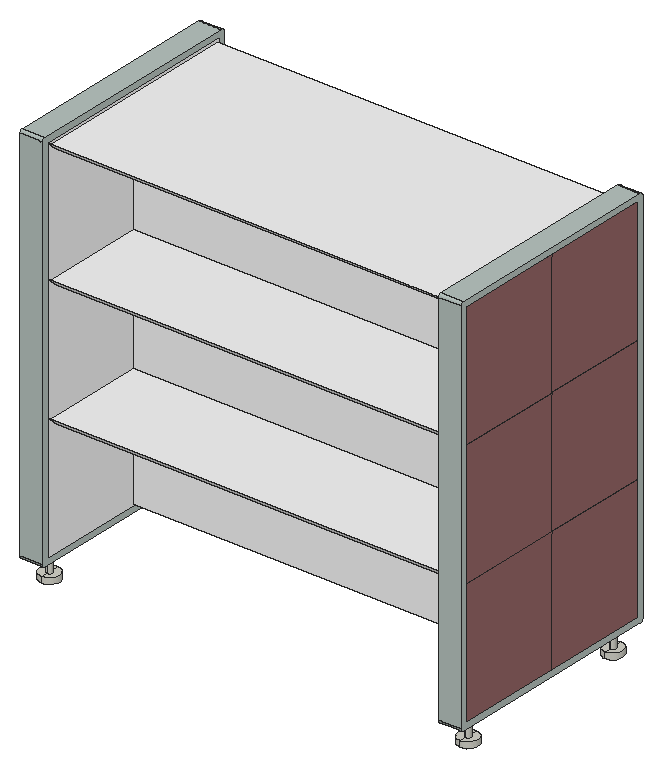
Revit family
Parameters
  URL = "www.bci.dk"
  Shelf Finish = Furniture - BCI_Index - Shelf
  Panel Frame Finish = Furniture - BCI_Index - Panel Frame
  End Panel Finish = Furniture - BCI_Index - End Panel
  Model = "Index"
  Manufacturer = "BCI"
  Length = 3' - 3"
  Height = 3' - 0"
  Foot Finish = Furniture - BCI_Index - Foot
  Depth = 1' - 8"
Reference planes (in)
  plane 1 "Center F/B": y = 0
  plane 2: z = 0
  plane 3 "Center L/R": x = 0
  plane 4: x = -19.5
  plane 5: x = 19.5
  plane 6 "B (www.revitcomponents.com)": y = 10
  plane 7 "F (www.revitcomponents.com)": y = -10
  plane 8: x = -17.5
  plane 9: x = 17.5
  plane 10 "LCL (www.revitcomponents.com)": x = -18.5
  plane 11 "RCL (www.revitcomponents.com)": x = 18.5
  plane 12: z = 36
  plane 13: z = 2
  plane 14: z = 24.5
  plane 15: z = 13.5
  plane 16: y = 0.03125
  plane 17: y = -0.03125
  plane 18: y = 9.25
  plane 19: y = 9.5
  plane 20: y = -9.25
  plane 21: y = -9.5
  plane 22: z = 35.5
  plane 23: z = 35.25
  plane 24: z = 2.5
  plane 25: z = 2.75
  plane 26 "FLEG (www.revitcomponents.com)": y = -8
  plane 27 "BLEG (www.revitcomponents.com)": y = 8
Forms (in)
  Extrusion 1, solid, material "Furniture - BCI_Index - Shelf" <- "Shelf Finish"
    sketch origin (-18.5, 0, 0) x (0, -1, 0) y (0, 0, 1)
      loop
        line (-9.25, 13.5) -> (-8.75, 13) -> (8.75, 13) -> (9.25, 13.5) -> (-9.25, 13.5)
      loop
        line (-9.25, 24.5) -> (-8.75, 24) -> (8.75, 24) -> (9.25, 24.5) -> (-9.25, 24.5)
      loop
        line (-9.25, 35.25) -> (-8.75, 34.75) -> (8.75, 34.75) -> (9.25, 35.25) -> (-9.25, 35.25)
    from -36 to -1
  Extrusion 2, solid, material "Furniture - BCI_Index - Panel Frame" <- "Panel Frame Finish"
    sketch origin (-18.5, 0, 0) x (0, -1, 0) y (0, 0, 1)
      loop
        arc (-9.75, 36) -> (-9.92678, 35.92678) -> (-10, 35.75) r 0.25
        line (-10, 35.75) -> (-10, 2.25)
        arc (-10, 2.25) -> (-9.92678, 2.07322) -> (-9.75, 2) r 0.25
        line (-9.75, 2) -> (9.75, 2)
        arc (9.75, 2) -> (9.92678, 2.07322) -> (10, 2.25) r 0.25
        line (10, 2.25) -> (10, 35.75)
        arc (10, 35.75) -> (9.92678, 35.92678) -> (9.75, 36) r 0.25
        line (9.75, 36) -> (-9.75, 36)
      loop
        line (-9.5, 35.5) -> (-9.5, 2.5) -> (9.5, 2.5) -> (9.5, 35.5) -> (-9.5, 35.5)
    from -1 to 1
  Extrusion 3, solid, material "Furniture - BCI_Index - Panel Frame" <- "Panel Frame Finish"
    sketch origin (18.5, 0, 0) x (0, -1, 0) y (0, 0, -1)
      loop
        line (-9.75, -36) -> (9.75, -36)
        arc (9.75, -36) -> (9.92678, -35.92678) -> (10, -35.75) r 0.25
        line (10, -35.75) -> (10, -2.25)
        arc (10, -2.25) -> (9.92678, -2.07322) -> (9.75, -2) r 0.25
        line (9.75, -2) -> (-9.75, -2)
        arc (-9.75, -2) -> (-9.92678, -2.07322) -> (-10, -2.25) r 0.25
        line (-10, -2.25) -> (-10, -35.75)
        arc (-10, -35.75) -> (-9.92678, -35.92678) -> (-9.75, -36) r 0.25
      loop
        line (-9.5, -35.5) -> (9.5, -35.5) -> (9.5, -2.5) -> (-9.5, -2.5) -> (-9.5, -35.5)
    from -1 to 1
  Extrusion 4, solid, material "Furniture - BCI_Index - End Panel" <- "End Panel Finish"
    sketch origin (-18.5, 0, 0) x (0, -1, 0) y (0, 0, 1)
      loop
        line (-0.03125, 13.46875) -> (-9.46875, 13.46875) -> (-9.46875, 2.53125) -> (-0.03125, 2.53125) -> (-0.03125, 13.46875)
      loop
        line (0.03125, 13.46875) -> (0.03125, 2.53125) -> (9.46875, 2.53125) -> (9.46875, 13.46875) -> (0.03125, 13.46875)
      loop
        line (-0.03125, 13.53125) -> (-0.03125, 24.46875) -> (-9.46875, 24.46875) -> (-9.46875, 13.53125) -> (-0.03125, 13.53125)
      loop
        line (0.03125, 13.53125) -> (9.46875, 13.53125) -> (9.46875, 24.46875) -> (0.03125, 24.46875) -> (0.03125, 13.53125)
      loop
        line (-0.03125, 35.46875) -> (-9.46875, 35.46875) -> (-9.46875, 24.53125) -> (-0.03125, 24.53125) -> (-0.03125, 35.46875)
      loop
        line (0.03125, 35.46875) -> (0.03125, 24.53125) -> (9.46875, 24.53125) -> (9.46875, 35.46875) -> (0.03125, 35.46875)
    from 0 to 1
  Extrusion 5, solid, material "Furniture - BCI_Index - End Panel" <- "End Panel Finish"
    sketch origin (18.5, 0, 0) x (0, -1, 0) y (0, 0, -1)
      loop
        line (-0.03125, -13.46875) -> (-0.03125, -2.53125) -> (-9.46875, -2.53125) -> (-9.46875, -13.46875) -> (-0.03125, -13.46875)
      loop
        line (0.03125, -13.46875) -> (9.46875, -13.46875) -> (9.46875, -2.53125) -> (0.03125, -2.53125) -> (0.03125, -13.46875)
      loop
        line (-0.03125, -13.53125) -> (-9.46875, -13.53125) -> (-9.46875, -24.46875) -> (-0.03125, -24.46875) -> (-0.03125, -13.53125)
      loop
        line (0.03125, -13.53125) -> (0.03125, -24.46875) -> (9.46875, -24.46875) -> (9.46875, -13.53125) -> (0.03125, -13.53125)
      loop
        line (-0.03125, -35.46875) -> (-0.03125, -24.53125) -> (-9.46875, -24.53125) -> (-9.46875, -35.46875) -> (-0.03125, -35.46875)
      loop
        line (0.03125, -35.46875) -> (9.46875, -35.46875) -> (9.46875, -24.53125) -> (0.03125, -24.53125) -> (0.03125, -35.46875)
    from 0 to 1
  Extrusion 6, solid, material "Furniture - BCI_Index - Shelf" <- "Shelf Finish"
    sketch origin (-18.5, 0, 0) x (0, -1, 0) y (0, 0, 1)
      loop
        line (-9.5, 35.5) -> (-9.5, 2.5) -> (9.5, 2.5) -> (9.5, 35.5) -> (-9.5, 35.5)
    from -1 to 0
  Extrusion 7, solid, material "Furniture - BCI_Index - Shelf" <- "Shelf Finish"
    sketch origin (18.5, 0, 0) x (0, -1, 0) y (0, 0, -1)
      loop
        line (-9.5, -35.5) -> (9.5, -35.5) -> (9.5, -2.5) -> (-9.5, -2.5) -> (-9.5, -35.5)
    from -1 to 0
  Extrusion 8, solid, material "Furniture - BCI_Index - Shelf" <- "Shelf Finish"
    sketch origin (-18.5, 0, 0) x (0, -1, 0) y (0, 0, 1)
      loop
        line (-0.03125, 35.25) -> (-0.03125, 2.75) -> (0.03125, 2.75) -> (0.03125, 35.25) -> (-0.03125, 35.25)
    from -36 to -1
  Revolve 9, solid, material "Furniture - BCI_Index - Foot" <- "Foot Finish"
    sketch origin (-18.5, 0, 0) x (0, -1, 0) y (0, 0, 1)
      loop
        line (8, 0) -> (8.875, 0) -> (8.875, 0.5) -> (8.25, 0.5) -> (8.25, 2) -> (8, 2) -> (8, 0)
      axis (8, 0) -> (8, 2)
    angle from 0 to 360
  Revolve 10, solid, material "Furniture - BCI_Index - Foot" <- "Foot Finish"
    sketch origin (18.5, 0, 0) x (0, -1, 0) y (0, 0, 1)
      loop
        line (8, 0) -> (8.875, 0) -> (8.875, 0.5) -> (8.25, 0.5) -> (8.25, 2) -> (8, 2) -> (8, 0)
      axis (8, 0) -> (8, 2)
    angle from 0 to 360
  Revolve 11, solid, material "Furniture - BCI_Index - Foot" <- "Foot Finish"
    sketch origin (-18.5, 0, 0) x (0, -1, 0) y (0, 0, 1)
      loop
        line (-8, 2) -> (-8.25, 2) -> (-8.25, 0.5) -> (-8.875, 0.5) -> (-8.875, 0) -> (-8, 0) -> (-8, 2)
      axis (-8, 0) -> (-8, 2)
    angle from 0 to 360
  Revolve 12, solid, material "Furniture - BCI_Index - Foot" <- "Foot Finish"
    sketch origin (18.5, 0, 0) x (0, -1, 0) y (0, 0, 1)
      loop
        line (-8, 2) -> (-8.25, 2) -> (-8.25, 0.5) -> (-8.875, 0.5) -> (-8.875, 0) -> (-8, 0) -> (-8, 2)
      axis (-8, 0) -> (-8, 2)
    angle from 0 to 360
Cuts and joins
  joined: Extrusion 1, Extrusion 8
Dimensions and locks (in)
  equal spacing: plane 4, plane 3 "Center L/R", plane 5
  equal spacing: plane 7 "F (www.revitcomponents.com)", plane 1 "Center F/B", plane 6 "B (www.revitcomponents.com)"
  "Depth": plane 7 "F (www.revitcomponents.com)" to plane 6 "B (www.revitcomponents.com)"
  "Length": plane 4 to plane 5
  plane 4 to plane 10 "LCL (www.revitcomponents.com)" to plane 8 = 0' - 1" locked, 0' - 1" locked
  plane 9 to plane 11 "RCL (www.revitcomponents.com)" to plane 5 = 0' - 1" locked, 0' - 1" locked
  locked: plane 13 to level at 2
  "Height": plane 12 to level
  plane 16 to plane 1 "Center F/B" to plane 17 = 0' - 0 1/32" locked, 0' - 0 1/32" locked
  plane 18 to plane 19 to plane 6 "B (www.revitcomponents.com)" = 0' - 0 1/4" locked, 0' - 0 1/2" locked
  plane 20 to plane 21 to plane 7 "F (www.revitcomponents.com)" = 0' - 0 1/4" locked, 0' - 0 1/2" locked
  plane 12 to plane 22 to plane 23 = 0' - 0 1/2" locked, 0' - 0 1/4" locked
  locked: Extrusion 1 sketch curve to plane 23 at 0.5
  locked: Extrusion 1 sketch curve to plane 14 at 0.5
  locked: Extrusion 1 sketch curve to plane 15 at 0.5
  plane 25 to plane 24 to plane 13 = 0' - 0 1/4" locked, 0' - 0 1/2" locked
  equal spacing: plane 22, plane 14, plane 15, plane 24
  locked: plane 27 "BLEG (www.revitcomponents.com)" to plane 19 at 1.5
  locked: plane 26 "FLEG (www.revitcomponents.com)" to plane 21 at 1.5
  aligned and locked: Extrusion 1 sketch curve to plane 15
  aligned and locked: Extrusion 1 sketch curve to plane 14
  aligned and locked: Extrusion 1 sketch curve to plane 23
  aligned and locked: plane 9 to Extrusion 1
  aligned and locked: plane 8 to Extrusion 1
  aligned and locked: Extrusion 2 to plane 8
  aligned and locked: plane 4 to Extrusion 2
  aligned and locked: Extrusion 3 to plane 9
  aligned and locked: plane 5 to Extrusion 3
  aligned and locked: plane 4 to Extrusion 4
  aligned and locked: plane 5 to Extrusion 5
  aligned and locked: Extrusion 6 to plane 8
  aligned and locked: plane 10 "LCL (www.revitcomponents.com)" to Extrusion 6
  aligned and locked: Extrusion 7 to plane 9
  aligned and locked: plane 11 "RCL (www.revitcomponents.com)" to Extrusion 7
  aligned and locked: plane 9 to Extrusion 8
  aligned and locked: plane 8 to Extrusion 8
Automatic sketch dimensions
  Extrusion 1 sketch curve to plane 18 = 0' - 0"  (x3)
  Extrusion 1 sketch curve to plane 20 = 0' - 0"  (x3)
  plane 18 to Extrusion 1 sketch curve = 0' - 0 1/2"  (x3)
  plane 20 to Extrusion 1 sketch curve = 0' - 0 1/2"  (x3)
  Extrusion 4 sketch curve to plane 16 = 0' - 0"  (x3)
  Extrusion 4 sketch curve to plane 17 = 0' - 0"  (x3)
  plane 19 to Extrusion 4 sketch curve = 0' - 0 1/32"  (x3)
  plane 21 to Extrusion 4 sketch curve = 0' - 0 1/32"  (x3)
  plane 24 to Extrusion 4 sketch curve = 0' - 0 1/32"  (x2)
  Extrusion 4 sketch curve to plane 15 = 0' - 0 1/32"  (x2)
  plane 15 to Extrusion 4 sketch curve = 0' - 0 1/32"  (x2)
  Extrusion 4 sketch curve to plane 14 = 0' - 0 1/32"  (x2)
  plane 14 to Extrusion 4 sketch curve = 0' - 0 1/32"  (x2)
  Extrusion 4 sketch curve to plane 22 = 0' - 0 1/32"  (x2)
  Extrusion 5 sketch curve to plane 16 = 0' - 0"  (x3)
  Extrusion 5 sketch curve to plane 17 = 0' - 0"  (x3)
  Extrusion 5 sketch curve to plane 19 = 0' - 0 1/32"  (x3)
  Extrusion 5 sketch curve to plane 21 = 0' - 0 1/32"  (x3)
  Extrusion 5 sketch curve to plane 24 = 0' - 0 1/32"  (x2)
  plane 15 to Extrusion 5 sketch curve = 0' - 0 1/32"  (x2)
  Extrusion 5 sketch curve to plane 15 = 0' - 0 1/32"  (x2)
  plane 14 to Extrusion 5 sketch curve = 0' - 0 1/32"  (x2)
  Extrusion 5 sketch curve to plane 14 = 0' - 0 1/32"  (x2)
  plane 22 to Extrusion 5 sketch curve = 0' - 0 1/32"  (x2)
  Extrusion 6 sketch curve to plane 19 = 0' - 0"
  Extrusion 6 sketch curve to plane 21 = 0' - 0"
  Extrusion 6 sketch curve to plane 24 = 0' - 0"
  Extrusion 6 sketch curve to plane 22 = 0' - 0"
  Extrusion 7 sketch curve to plane 19 = 0' - 0"
  Extrusion 7 sketch curve to plane 21 = 0' - 0"
  Extrusion 7 sketch curve to plane 24 = 0' - 0"
  Extrusion 7 sketch curve to plane 22 = 0' - 0"
  Extrusion 8 sketch curve to plane 16 = 0' - 0"
  Extrusion 8 sketch curve to plane 17 = 0' - 0"
  Extrusion 8 sketch curve to plane 25 = 0' - 0"
  Extrusion 8 sketch curve to plane 23 = 0' - 0"
  Revolve 9 sketch curve to level = 0' - 0"  (x2)
  Revolve 9 sketch curve to plane 26 "FLEG (www.revitcomponents.com)" = 0' - 0"  (x2)
  Revolve 9 sketch curve to plane 13 = 0' - 0"  (x2)
  Revolve 9 sketch curve to plane 26 "FLEG (www.revitcomponents.com)" = 0' - 0 1/4"
  plane 20 to Revolve 9 sketch curve = 0' - 0 3/8"
  Revolve 9 sketch curve to Revolve 9 sketch curve = 0' - 0 1/2"
  Revolve 10 sketch curve to level = 0' - 0"  (x2)
  Revolve 10 sketch curve to plane 26 "FLEG (www.revitcomponents.com)" = 0' - 0"  (x2)
  Revolve 10 sketch curve to plane 13 = 0' - 0"  (x2)
  plane 26 "FLEG (www.revitcomponents.com)" to Revolve 10 sketch curve = 0' - 0 1/4"
  Revolve 10 sketch curve to plane 20 = 0' - 0 3/8"
  Revolve 10 sketch curve to level = 0' - 0 1/2"
  Revolve 11 sketch curve to level = 0' - 0"  (x2)
  Revolve 11 sketch curve to plane 13 = 0' - 0"  (x2)
  Revolve 11 sketch curve to plane 27 "BLEG (www.revitcomponents.com)" = 0' - 0"  (x2)
  Revolve 11 sketch curve to plane 27 "BLEG (www.revitcomponents.com)" = 0' - 0 1/4"
  plane 18 to Revolve 11 sketch curve = 0' - 0 3/8"
  level to Revolve 11 sketch curve = 0' - 0 1/2"
  Revolve 12 sketch curve to level = 0' - 0"  (x2)
  Revolve 12 sketch curve to plane 13 = 0' - 0"  (x2)
  Revolve 12 sketch curve to plane 27 "BLEG (www.revitcomponents.com)" = 0' - 0"  (x2)
  plane 27 "BLEG (www.revitcomponents.com)" to Revolve 12 sketch curve = 0' - 0 1/4"
  Revolve 12 sketch curve to plane 18 = 0' - 0 3/8"
  Revolve 12 sketch curve to level = 0' - 0 1/2"
  Extrusion 3 sketch curve to plane 6 "B (www.revitcomponents.com)" = 0' - 0"
  Extrusion 3 sketch curve to plane 13 = 0' - 0"
  Extrusion 3 sketch curve to plane 12 = 0' - 0"
  Extrusion 3 sketch curve to plane 19 = 0' - 0"
  Extrusion 3 sketch curve to plane 21 = 0' - 0"
  Extrusion 3 sketch curve to plane 7 "F (www.revitcomponents.com)" = 0' - 0"
  Extrusion 3 sketch curve to plane 24 = 0' - 0"
  Extrusion 3 sketch curve to plane 22 = 0' - 0"
  Extrusion 3 sketch curve to plane 6 "B (www.revitcomponents.com)" = 0' - 0 1/4"
  plane 19 to Extrusion 3 sketch curve = 0' - 0 1/4"
  Extrusion 3 sketch curve to plane 7 "F (www.revitcomponents.com)" = 0' - 0 1/4"  (x2)
  Extrusion 2 sketch curve to plane 6 "B (www.revitcomponents.com)" = 0' - 0"
  Extrusion 2 sketch curve to plane 13 = 0' - 0"
  Extrusion 2 sketch curve to plane 12 = 0' - 0"
  Extrusion 2 sketch curve to plane 19 = 0' - 0"
  Extrusion 2 sketch curve to plane 21 = 0' - 0"
  Extrusion 2 sketch curve to plane 7 "F (www.revitcomponents.com)" = 0' - 0"
  Extrusion 2 sketch curve to plane 24 = 0' - 0"
  Extrusion 2 sketch curve to plane 22 = 0' - 0"
  plane 6 "B (www.revitcomponents.com)" to Extrusion 2 sketch curve = 0' - 0 1/4"  (x2)
  plane 7 "F (www.revitcomponents.com)" to Extrusion 2 sketch curve = 0' - 0 1/4"  (x2)
